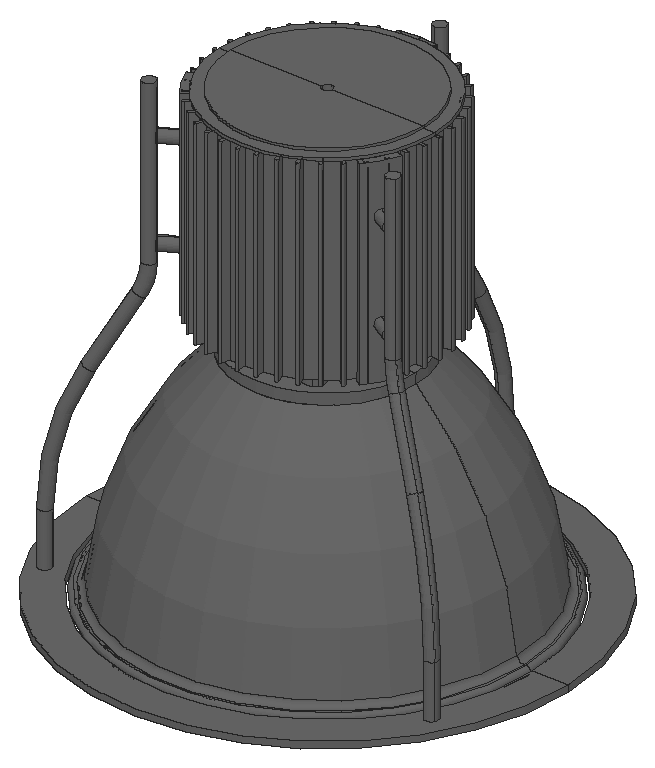
Revit family "DHSA16", category Lighting Fixtures, Revit 2024
Family settings
  Round Connector Dimension = Use Diameter
  Part Type = Normal
  OmniClass Number = 23.80.70.00
  OmniClass Title = Lighting
  Work Plane-Based = No
  Always vertical = Yes
  Cut with Voids When Loaded = No
  Light Source = No
  Maintain Annotation Orientation = No
  Shared = No
  Room Calculation Point = No
Parameters
  Default Elevation = 0' - 0"
Reference planes (in)
  plane 1 "Light Source Axis (F/B)": y = 0
  plane 2: z = 0
  plane 3 "Light Source Axis (L/R)": x = 0
  plane 4 "Light Source Elevation": z = 54
Forms (in)
  Sweep 1, solid, material "GLASS SHADE", not visible
    path origin (75.968, 0, 0.00093) x (1, 0, 0) y (0, 0, 1)
      loop
        arc (-4.5864, 68.3252) -> (-8.91952, 61.72019) -> (-10.59309, 54) r 21.63816
    profile origin (67.04848, 0, 61.72112) x (0.922209, 0, -0.386691) y (0, -1, 0)
      loop
        circle (0, 0) r 0.03125
  Extrusion 2, solid, material "61"
    sketch origin (-46.69817, -17.29952, 64) x (1, 0, 0) y (0, 1, 0)
      loop
        arc (46.63567, 21.42405) -> (46.37452, 21.41181) -> (46.11468, 21.38305) r 4.125
        line (46.11468, 21.38305) -> (46.06572, 21.69217)
        arc (46.06572, 21.69217) -> (45.99421, 21.74412) -> (45.94226, 21.67261) r 0.0625
        line (45.94226, 21.67261) -> (45.99122, 21.36349)
        arc (45.99122, 21.36349) -> (45.73521, 21.31055) -> (45.48306, 21.24149) r 4.125
        line (45.48306, 21.24149) -> (45.38635, 21.53915)
        arc (45.38635, 21.53915) -> (45.30759, 21.57928) -> (45.26746, 21.50052) r 0.0625
        line (45.26746, 21.50052) -> (45.36418, 21.20287)
        arc (45.36418, 21.20287) -> (45.1196, 21.11053) -> (44.88136, 21.00288) r 4.125
        line (44.88136, 21.00288) -> (44.73927, 21.28174)
        arc (44.73927, 21.28174) -> (44.65521, 21.30905) -> (44.6279, 21.22499) r 0.0625
        line (44.6279, 21.22499) -> (44.76998, 20.94613)
        arc (44.76998, 20.94613) -> (44.54286, 20.81666) -> (44.3244, 20.67307) r 4.125
        line (44.3244, 20.67307) -> (44.14043, 20.92627)
        arc (44.14043, 20.92627) -> (44.05313, 20.9401) -> (44.03931, 20.8528) r 0.0625
        line (44.03931, 20.8528) -> (44.22327, 20.5996)
        arc (44.22327, 20.5996) -> (44.01919, 20.4362) -> (43.82588, 20.2602) r 4.125
        line (43.82588, 20.2602) -> (43.60458, 20.4815)
        arc (43.60458, 20.4815) -> (43.51619, 20.4815) -> (43.51619, 20.39311) r 0.0625
        line (43.51619, 20.39311) -> (43.73749, 20.17181)
        arc (43.73749, 20.17181) -> (43.56149, 19.9785) -> (43.39809, 19.77442) r 4.125
        line (43.39809, 19.77442) -> (43.14489, 19.95838)
        arc (43.14489, 19.95838) -> (43.05759, 19.94456) -> (43.07142, 19.85726) r 0.0625
        line (43.07142, 19.85726) -> (43.32462, 19.67329)
        arc (43.32462, 19.67329) -> (43.18103, 19.45483) -> (43.05156, 19.22771) r 4.125
        line (43.05156, 19.22771) -> (42.7727, 19.36979)
        arc (42.7727, 19.36979) -> (42.68864, 19.34248) -> (42.71595, 19.25842) r 0.0625
        line (42.71595, 19.25842) -> (42.99481, 19.11633)
        arc (42.99481, 19.11633) -> (42.88716, 18.87809) -> (42.79482, 18.63351) r 4.125
        line (42.79482, 18.63351) -> (42.49717, 18.73023)
        arc (42.49717, 18.73023) -> (42.41841, 18.6901) -> (42.45854, 18.61134) r 0.0625
        line (42.45854, 18.61134) -> (42.7562, 18.51463)
        arc (42.7562, 18.51463) -> (42.68714, 18.26248) -> (42.6342, 18.00647) r 4.125
        line (42.6342, 18.00647) -> (42.32508, 18.05543)
        arc (42.32508, 18.05543) -> (42.25357, 18.00348) -> (42.30552, 17.93197) r 0.0625
        line (42.30552, 17.93197) -> (42.61464, 17.88301)
        arc (42.61464, 17.88301) -> (42.58588, 17.62317) -> (42.57364, 17.36202) r 4.125
        line (42.57364, 17.36202) -> (42.26067, 17.36202)
        arc (42.26067, 17.36202) -> (42.19817, 17.29952) -> (42.26067, 17.23702) r 0.0625
        line (42.26067, 17.23702) -> (42.57364, 17.23702)
        arc (42.57364, 17.23702) -> (42.58588, 16.97588) -> (42.61464, 16.71603) r 4.125
        line (42.61464, 16.71603) -> (42.30552, 16.66707)
        arc (42.30552, 16.66707) -> (42.25357, 16.59557) -> (42.32508, 16.54361) r 0.0625
        line (42.32508, 16.54361) -> (42.6342, 16.59257)
        arc (42.6342, 16.59257) -> (42.68714, 16.33656) -> (42.7562, 16.08441) r 4.125
        line (42.7562, 16.08441) -> (42.45854, 15.9877)
        arc (42.45854, 15.9877) -> (42.41841, 15.90895) -> (42.49717, 15.86882) r 0.0625
        line (42.49717, 15.86882) -> (42.79482, 15.96553)
        arc (42.79482, 15.96553) -> (42.88716, 15.72095) -> (42.99481, 15.48271) r 4.125
        line (42.99481, 15.48271) -> (42.71595, 15.34063)
        arc (42.71595, 15.34063) -> (42.68864, 15.25657) -> (42.7727, 15.22925) r 0.0625
        line (42.7727, 15.22925) -> (43.05156, 15.37134)
        arc (43.05156, 15.37134) -> (43.18103, 15.14422) -> (43.32462, 14.92575) r 4.125
        line (43.32462, 14.92575) -> (43.07142, 14.74179)
        arc (43.07142, 14.74179) -> (43.05759, 14.65449) -> (43.14489, 14.64066) r 0.0625
        line (43.14489, 14.64066) -> (43.39809, 14.82462)
        arc (43.39809, 14.82462) -> (43.56149, 14.62055) -> (43.73749, 14.42724) r 4.125
        line (43.73749, 14.42724) -> (43.51619, 14.20593)
        arc (43.51619, 14.20593) -> (43.51619, 14.11754) -> (43.60458, 14.11754) r 0.0625
        line (43.60458, 14.11754) -> (43.82588, 14.33885)
        arc (43.82588, 14.33885) -> (44.01919, 14.16285) -> (44.22327, 13.99945) r 4.125
        line (44.22327, 13.99945) -> (44.03931, 13.74625)
        arc (44.03931, 13.74625) -> (44.05313, 13.65895) -> (44.14043, 13.67277) r 0.0625
        line (44.14043, 13.67277) -> (44.3244, 13.92597)
        arc (44.3244, 13.92597) -> (44.54286, 13.78238) -> (44.76998, 13.65292) r 4.125
        line (44.76998, 13.65292) -> (44.6279, 13.37406)
        arc (44.6279, 13.37406) -> (44.65521, 13.28999) -> (44.73927, 13.31731) r 0.0625
        line (44.73927, 13.31731) -> (44.88136, 13.59617)
        arc (44.88136, 13.59617) -> (45.1196, 13.48852) -> (45.36418, 13.39618) r 4.125
        line (45.36418, 13.39618) -> (45.26746, 13.09852)
        arc (45.26746, 13.09852) -> (45.30759, 13.01977) -> (45.38635, 13.0599) r 0.0625
        line (45.38635, 13.0599) -> (45.48306, 13.35755)
        arc (45.48306, 13.35755) -> (45.73521, 13.2885) -> (45.99122, 13.23555) r 4.125
        line (45.99122, 13.23555) -> (45.94226, 12.92643)
        arc (45.94226, 12.92643) -> (45.99421, 12.85492) -> (46.06572, 12.90688) r 0.0625
        line (46.06572, 12.90688) -> (46.11468, 13.216)
        arc (46.11468, 13.216) -> (46.37452, 13.18724) -> (46.63567, 13.175) r 4.125
        line (46.63567, 13.175) -> (46.63567, 12.86202)
        arc (46.63567, 12.86202) -> (46.69817, 12.79952) -> (46.76067, 12.86202) r 0.0625
        line (46.76067, 12.86202) -> (46.76067, 13.175)
        arc (46.76067, 13.175) -> (47.02181, 13.18724) -> (47.28166, 13.216) r 4.125
        line (47.28166, 13.216) -> (47.33062, 12.90688)
        arc (47.33062, 12.90688) -> (47.40212, 12.85492) -> (47.45408, 12.92643) r 0.0625
        line (47.45408, 12.92643) -> (47.40512, 13.23555)
        arc (47.40512, 13.23555) -> (47.66113, 13.2885) -> (47.91328, 13.35755) r 4.125
        line (47.91328, 13.35755) -> (48.00999, 13.0599)
        arc (48.00999, 13.0599) -> (48.08874, 13.01977) -> (48.12887, 13.09852) r 0.0625
        line (48.12887, 13.09852) -> (48.03216, 13.39618)
        arc (48.03216, 13.39618) -> (48.27674, 13.48852) -> (48.51498, 13.59617) r 4.125
        line (48.51498, 13.59617) -> (48.65706, 13.31731)
        arc (48.65706, 13.31731) -> (48.74112, 13.28999) -> (48.76844, 13.37406) r 0.0625
        line (48.76844, 13.37406) -> (48.62635, 13.65292)
        arc (48.62635, 13.65292) -> (48.85347, 13.78238) -> (49.07194, 13.92597) r 4.125
        line (49.07194, 13.92597) -> (49.2559, 13.67277)
        arc (49.2559, 13.67277) -> (49.3432, 13.65895) -> (49.35703, 13.74625) r 0.0625
        line (49.35703, 13.74625) -> (49.17307, 13.99945)
        arc (49.17307, 13.99945) -> (49.37714, 14.16285) -> (49.57045, 14.33885) r 4.125
        line (49.57045, 14.33885) -> (49.79176, 14.11754)
        arc (49.79176, 14.11754) -> (49.88015, 14.11754) -> (49.88015, 14.20593) r 0.0625
        line (49.88015, 14.20593) -> (49.65884, 14.42724)
        arc (49.65884, 14.42724) -> (49.83484, 14.62055) -> (49.99824, 14.82462) r 4.125
        line (49.99824, 14.82462) -> (50.25144, 14.64066)
        arc (50.25144, 14.64066) -> (50.33874, 14.65449) -> (50.32492, 14.74179) r 0.0625
        line (50.32492, 14.74179) -> (50.07172, 14.92575)
        arc (50.07172, 14.92575) -> (50.21531, 15.14422) -> (50.34477, 15.37134) r 4.125
        line (50.34477, 15.37134) -> (50.62363, 15.22925)
        arc (50.62363, 15.22925) -> (50.7077, 15.25657) -> (50.68038, 15.34063) r 0.0625
        line (50.68038, 15.34063) -> (50.40152, 15.48271)
        arc (50.40152, 15.48271) -> (50.50917, 15.72095) -> (50.60151, 15.96553) r 4.125
        line (50.60151, 15.96553) -> (50.89917, 15.86882)
        arc (50.89917, 15.86882) -> (50.97792, 15.90895) -> (50.93779, 15.9877) r 0.0625
        line (50.93779, 15.9877) -> (50.64014, 16.08441)
        arc (50.64014, 16.08441) -> (50.70919, 16.33656) -> (50.76214, 16.59257) r 4.125
        line (50.76214, 16.59257) -> (51.07126, 16.54361)
        arc (51.07126, 16.54361) -> (51.14277, 16.59557) -> (51.09081, 16.66707) r 0.0625
        line (51.09081, 16.66707) -> (50.78169, 16.71603)
        arc (50.78169, 16.71603) -> (50.81045, 16.97588) -> (50.82269, 17.23702) r 4.125
        line (50.82269, 17.23702) -> (51.13567, 17.23702)
        arc (51.13567, 17.23702) -> (51.19817, 17.29952) -> (51.13567, 17.36202) r 0.0625
        line (51.13567, 17.36202) -> (50.82269, 17.36202)
        arc (50.82269, 17.36202) -> (50.81045, 17.62317) -> (50.78169, 17.88301) r 4.125
        line (50.78169, 17.88301) -> (51.09081, 17.93197)
        arc (51.09081, 17.93197) -> (51.14277, 18.00348) -> (51.07126, 18.05543) r 0.0625
        line (51.07126, 18.05543) -> (50.76214, 18.00647)
        arc (50.76214, 18.00647) -> (50.70919, 18.26248) -> (50.64014, 18.51463) r 4.125
        line (50.64014, 18.51463) -> (50.93779, 18.61134)
        arc (50.93779, 18.61134) -> (50.97792, 18.6901) -> (50.89917, 18.73023) r 0.0625
        line (50.89917, 18.73023) -> (50.60151, 18.63351)
        arc (50.60151, 18.63351) -> (50.50917, 18.87809) -> (50.40152, 19.11633) r 4.125
        line (50.40152, 19.11633) -> (50.68038, 19.25842)
        arc (50.68038, 19.25842) -> (50.7077, 19.34248) -> (50.62363, 19.36979) r 0.0625
        line (50.62363, 19.36979) -> (50.34477, 19.22771)
        arc (50.34477, 19.22771) -> (50.21531, 19.45483) -> (50.07172, 19.67329) r 4.125
        line (50.07172, 19.67329) -> (50.32492, 19.85726)
        arc (50.32492, 19.85726) -> (50.33874, 19.94456) -> (50.25144, 19.95838) r 0.0625
        line (50.25144, 19.95838) -> (49.99824, 19.77442)
        arc (49.99824, 19.77442) -> (49.83484, 19.9785) -> (49.65884, 20.17181) r 4.125
        line (49.65884, 20.17181) -> (49.88015, 20.39311)
        arc (49.88015, 20.39311) -> (49.88015, 20.4815) -> (49.79176, 20.4815) r 0.0625
        line (49.79176, 20.4815) -> (49.57045, 20.2602)
        arc (49.57045, 20.2602) -> (49.37714, 20.4362) -> (49.17307, 20.5996) r 4.125
        line (49.17307, 20.5996) -> (49.35703, 20.8528)
        arc (49.35703, 20.8528) -> (49.3432, 20.9401) -> (49.2559, 20.92627) r 0.0625
        line (49.2559, 20.92627) -> (49.07194, 20.67307)
        arc (49.07194, 20.67307) -> (48.85347, 20.81666) -> (48.62635, 20.94613) r 4.125
        line (48.62635, 20.94613) -> (48.76844, 21.22499)
        arc (48.76844, 21.22499) -> (48.74112, 21.30905) -> (48.65706, 21.28174) r 0.0625
        line (48.65706, 21.28174) -> (48.51498, 21.00288)
        arc (48.51498, 21.00288) -> (48.27674, 21.11053) -> (48.03216, 21.20287) r 4.125
        line (48.03216, 21.20287) -> (48.12887, 21.50052)
        arc (48.12887, 21.50052) -> (48.08874, 21.57928) -> (48.00999, 21.53915) r 0.0625
        line (48.00999, 21.53915) -> (47.91328, 21.24149)
        arc (47.91328, 21.24149) -> (47.66113, 21.31055) -> (47.40512, 21.36349) r 4.125
        line (47.40512, 21.36349) -> (47.45408, 21.67261)
        arc (47.45408, 21.67261) -> (47.40212, 21.74412) -> (47.33062, 21.69217) r 0.0625
        line (47.33062, 21.69217) -> (47.28166, 21.38305)
        arc (47.28166, 21.38305) -> (47.02181, 21.41181) -> (46.76067, 21.42405) r 4.125
        line (46.76067, 21.42405) -> (46.76067, 21.73702)
        arc (46.76067, 21.73702) -> (46.69817, 21.79952) -> (46.63567, 21.73702) r 0.0625
        line (46.63567, 21.73702) -> (46.63567, 21.42405)
    from 0 to 7.80732
  Revolve 3, solid, material "61"
    sketch origin (0, 0, -2) x (1, 0, 0) y (0, 0, 1)
      loop
        line (0.20328, 74) -> (0.20328, 73.80732) -> (4.2478, 73.80732) -> (4.2478, 73.91001) -> (3.80087, 73.91001) -> (3.80087, 74) -> (0.20328, 74)
      loop
        line (3.83475, 66) -> (0, 66) -> (0, 65.91001) -> (3.83475, 65.91001) -> (3.83475, 66)
      loop
        line (0, 65.175) -> (0, 65.09164) -> (3.42335, 65.09164) -> (3.42335, 64.76446) -> (3.5, 64.76446) -> (3.5, 65.175) -> (0, 65.175)
      axis (0, 74) -> (0, 64.76446)
    angle from 0 to 360
  Revolve 4, solid, material "61"
    sketch origin (-2.65723, 0, -2) x (1, 0, 0) y (0, 0, 1)
      loop
        line (0.41619, 65.91001) -> (0, 65.91001) -> (0, 65.175) -> (0.41619, 65.175) -> (0.41619, 65.91001)
      axis (0, 65.175) -> (0, 65.91001)
    angle from 0 to 360
  Revolve 5, solid, material "61"
    sketch origin (1.32861, 2.30123, -2) x (-0.5, -0.866025, 0) y (0, 0, 1)
      loop
        line (0.41619, 65.91001) -> (0, 65.91001) -> (0, 65.175) -> (0.41619, 65.175) -> (0.41619, 65.91001)
      axis (0, 65.175) -> (0, 65.91001)
    angle from 0 to 360
  Revolve 6, solid, material "61"
    sketch origin (1.32861, -2.30123, -2) x (-0.5, 0.866025, 0) y (0, 0, 1)
      loop
        line (0.41619, 65.91001) -> (0, 65.91001) -> (0, 65.175) -> (0.41619, 65.175) -> (0.41619, 65.91001)
      axis (0, 65.175) -> (0, 65.91001)
    angle from 0 to 360
  Revolve 7, solid, material "61"
    sketch origin (0, 0, 0) x (1, 0, 0) y (0, 0, 1)
      loop
        arc (7.48441, 54.57195) -> (6.25221, 59.03783) -> (3.5, 62.76446) r 12.69784
        line (3.5, 62.76446) -> (3.42335, 62.76446) -> (3.42335, 62.70775)
        arc (3.42335, 62.70775) -> (6.16401, 59.00481) -> (7.39096, 54.56436) r 12.60409
        arc (7.39096, 54.56436) -> (7.48099, 54.35773) -> (7.67967, 54.25129) r 0.34375
        arc (7.67967, 54.25129) -> (7.91692, 54.02407) -> (7.82962, 54.34077) r 0.17038
        line (7.82962, 54.34077) -> (7.7337, 54.34077)
        arc (7.7337, 54.34077) -> (7.5637, 54.40746) -> (7.48441, 54.57195) r 0.25
      axis (0, 62.76446) -> (0, 54.25129)
    angle from 0 to 360
  Sweep 8, solid, material "61"
    path origin (0, 0, -0.125) x (0.866025, 0.5, 0) y (0, 0, 1)
      loop
        line (-5.55082, 71.93232) -> (-5.55082, 65.55468)
        arc (-5.55082, 65.55468) -> (-5.62749, 64.97234) -> (-5.85226, 64.42968) r 2.25
        line (-5.85226, 64.42968) -> (-7.42758, 61.70115)
        arc (-7.42758, 61.70115) -> (-8.45156, 59.22905) -> (-8.80082, 56.57615) r 10.25
        line (-8.80082, 56.57615) -> (-8.80082, 54.5)
    profile origin (-4.80715, -2.77541, 68.6185) x (0.5, -0.866025, 0) y (0.866025, 0.5, 0)
      loop
        circle (0, 0) r 0.25
  Revolve 9, solid, material "61"
    sketch origin (0, 0, -2.5) x (0.866025, 0.5, 0) y (0, 0, 1)
      loop
        line (-5.30082, 72.63126) -> (-5.30082, 72.38126) -> (-4.2478, 72.38126) -> (-4.2478, 72.63126) -> (-5.30082, 72.63126)
      axis (-4.2478, 72.38126) -> (-5.30082, 72.38126)
    angle from 0 to 360
  Revolve 10, solid, material "61"
    sketch origin (0, 0, -6.3) x (0.866025, 0.5, 0) y (0, 0, 1)
      loop
        line (-5.30082, 72.63126) -> (-5.30082, 72.38126) -> (-4.2478, 72.38126) -> (-4.2478, 72.63126) -> (-5.30082, 72.63126)
      axis (-4.2478, 72.38126) -> (-5.30082, 72.38126)
    angle from 0 to 360
  Sweep 11, solid, material "61"
    path origin (0, 0, -0.125) x (0, -1, 0) y (0, 0, 1)
      loop
        line (-5.55082, 71.93232) -> (-5.55082, 65.55468)
        arc (-5.55082, 65.55468) -> (-5.62749, 64.97234) -> (-5.85226, 64.42968) r 2.25
        line (-5.85226, 64.42968) -> (-7.42758, 61.70115)
        arc (-7.42758, 61.70115) -> (-8.45156, 59.22905) -> (-8.80082, 56.57615) r 10.25
        line (-8.80082, 56.57615) -> (-8.80082, 54.5)
    profile origin (0, 5.55082, 68.6185) x (-1, 0, 0) y (0, -1, 0)
      loop
        circle (0, 0) r 0.25
  Revolve 12, solid, material "61"
    sketch origin (0, 0, -2.5) x (0, -1, 0) y (0, 0, 1)
      loop
        line (-5.30082, 72.63126) -> (-5.30082, 72.38126) -> (-4.2478, 72.38126) -> (-4.2478, 72.63126) -> (-5.30082, 72.63126)
      axis (-4.2478, 72.38126) -> (-5.30082, 72.38126)
    angle from 0 to 360
  Revolve 13, solid, material "61"
    sketch origin (0, 0, -6.3) x (0, -1, 0) y (0, 0, 1)
      loop
        line (-5.30082, 72.63126) -> (-5.30082, 72.38126) -> (-4.2478, 72.38126) -> (-4.2478, 72.63126) -> (-5.30082, 72.63126)
      axis (-4.2478, 72.38126) -> (-5.30082, 72.38126)
    angle from 0 to 360
  Sweep 14, solid, material "61"
    path origin (0, 0, -0.125) x (-0.866025, 0.5, 0) y (0, 0, 1)
      loop
        line (-5.55082, 71.93232) -> (-5.55082, 65.55468)
        arc (-5.55082, 65.55468) -> (-5.62749, 64.97234) -> (-5.85226, 64.42968) r 2.25
        line (-5.85226, 64.42968) -> (-7.42758, 61.70115)
        arc (-7.42758, 61.70115) -> (-8.45156, 59.22905) -> (-8.80082, 56.57615) r 10.25
        line (-8.80082, 56.57615) -> (-8.80082, 54.5)
    profile origin (4.80715, -2.77541, 68.6185) x (0.5, 0.866025, 0) y (-0.866025, 0.5, 0)
      loop
        circle (0, 0) r 0.25
  Revolve 15, solid, material "61"
    sketch origin (0, 0, -2.5) x (-0.866025, 0.5, 0) y (0, 0, 1)
      loop
        line (-5.30082, 72.63126) -> (-5.30082, 72.38126) -> (-4.2478, 72.38126) -> (-4.2478, 72.63126) -> (-5.30082, 72.63126)
      axis (-4.2478, 72.38126) -> (-5.30082, 72.38126)
    angle from 0 to 360
  Revolve 16, solid, material "61"
    sketch origin (0, 0, -6.3) x (-0.866025, 0.5, 0) y (0, 0, 1)
      loop
        line (-5.30082, 72.63126) -> (-5.30082, 72.38126) -> (-4.2478, 72.38126) -> (-4.2478, 72.63126) -> (-5.30082, 72.63126)
      axis (-4.2478, 72.38126) -> (-5.30082, 72.38126)
    angle from 0 to 360
  Sweep 17, solid, material "61", not visible
    path origin (34.95711, 0, -0.125) x (0.866025, 0.5, 0) y (0, 0, 1)
      loop
        line (-5.55082, 74) -> (-5.55082, 65.55468)
        arc (-5.55082, 65.55468) -> (-5.62749, 64.97234) -> (-5.85226, 64.42968) r 2.25
        line (-5.85226, 64.42968) -> (-7.42758, 61.70115)
        arc (-7.42758, 61.70115) -> (-8.45156, 59.22905) -> (-8.80082, 56.57615) r 10.25
        line (-8.80082, 56.57615) -> (-8.80082, 54.5)
    profile origin (30.14996, -2.77541, 69.65234) x (0.5, -0.866025, 0) y (0.866025, 0.5, 0)
      loop
        circle (0, 0) r 0.25
  Revolve 18, solid, material "61", not visible
    sketch origin (34.95711, 0, -0.125) x (0.866025, 0.5, 0) y (0, 0, 1)
      loop
        line (-5.30082, 72.63126) -> (-5.30082, 72.38126) -> (-4.2478, 72.38126) -> (-4.2478, 72.63126) -> (-5.30082, 72.63126)
      axis (-4.2478, 72.38126) -> (-5.30082, 72.38126)
    angle from 0 to 360
  Revolve 19, solid, material "61", not visible
    sketch origin (34.95711, 0, -3.925) x (0.866025, 0.5, 0) y (0, 0, 1)
      loop
        line (-5.30082, 72.63126) -> (-5.30082, 72.38126) -> (-4.2478, 72.38126) -> (-4.2478, 72.63126) -> (-5.30082, 72.63126)
      axis (-4.2478, 72.38126) -> (-5.30082, 72.38126)
    angle from 0 to 360
  Extrusion 20, solid, material "61"
    sketch origin (0, 0.07031, -2) x (1, 0, 0) y (0, 1, 0)
      loop
        arc (0.70087, 4.42509) -> (0.0002, 4.48026) -> (-0.70003, 4.41981) r 4.27232
        line (-0.70003, 4.41981) -> (-0.65367, 4.12712)
        arc (-0.65367, 4.12712) -> (0, 4.17857) -> (0.65367, 4.12712) r 4.17857
        line (0.65367, 4.12712) -> (0.70087, 4.42509)
    from 66 to 73.80732
  Extrusion 21, solid, material "61"
    sketch origin (0.06089, -0.03516, -2) x (-0.5, -0.866025, 0) y (0.866025, -0.5, 0)
      loop
        arc (0.70087, 4.42509) -> (0.0002, 4.48026) -> (-0.70003, 4.41981) r 4.27232
        line (-0.70003, 4.41981) -> (-0.65367, 4.12712)
        arc (-0.65367, 4.12712) -> (0, 4.17857) -> (0.65367, 4.12712) r 4.17857
        line (0.65367, 4.12712) -> (0.70087, 4.42509)
    from 66 to 73.80732
  Extrusion 22, solid, material "61"
    sketch origin (-0.06089, -0.03516, -2) x (-0.5, 0.866025, 0) y (-0.866025, -0.5, 0)
      loop
        arc (0.70087, 4.42509) -> (0.0002, 4.48026) -> (-0.70003, 4.41981) r 4.27232
        line (-0.70003, 4.41981) -> (-0.65367, 4.12712)
        arc (-0.65367, 4.12712) -> (0, 4.17857) -> (0.65367, 4.12712) r 4.17857
        line (0.65367, 4.12712) -> (0.70087, 4.42509)
    from 66 to 73.80732
  Extrusion 23, solid, material "61", not visible
    sketch origin (22.41847, 0.07031, 0.74344) x (1, 0, 0) y (0, 1, 0)
      loop
        arc (0.70087, 4.42509) -> (0.0002, 4.48026) -> (-0.70003, 4.41981) r 4.27232
        line (-0.70003, 4.41981) -> (-0.65367, 4.12712)
        arc (-0.65367, 4.12712) -> (0, 4.17857) -> (0.65367, 4.12712) r 4.17857
        line (0.65367, 4.12712) -> (0.70087, 4.42509)
    from 66 to 73.80732
  Revolve 24, solid, material "61"
    sketch origin (28.69343, 0, -0.125) x (1, 0, 0) y (0, 0, 1)
      loop
        line (-19.19343, 54.375) -> (-20.58024, 54.375) -> (-20.58024, 54.125) -> (-19.19343, 54.125) -> (-19.19343, 54.375)
      axis (-28.69343, 54.375) -> (-28.69343, 54.125)
    angle from 0 to 360
Dimensions and locks (in)
  aligned and locked: level to plane 2
